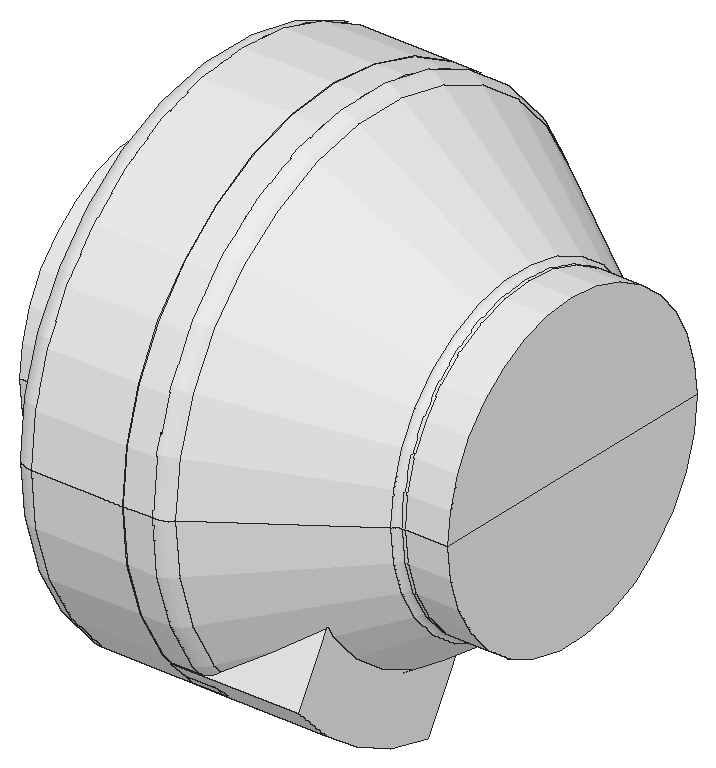
Revit family "VENTS-VK", category Mechanical Equipment, Revit 2019
Family settings
  Round Connector Dimension = Use Diameter
  Classification = None
  Part Type = Breaks Into
  OmniClass Number = 23.75.35.17.11
  OmniClass Title = Fans for Air Ductwork
  Work Plane-Based = No
  Always vertical = No
  Cut with Voids When Loaded = No
  Shared = No
  Room Calculation Point = No
Parameters (values of type "VK 200 (50Hz)")
  Weight = 3.00 kg
  Voltage = 230 V
  URL = "https://ventilation-system.com/product/vk-200"
  Type Comments = "Inline centrifugal fan VK 200"
  Transported Air Temperature (°C) = "-25...+60"
  RPM (min-1) = 2660
  R22 = 15 mm
  R21 = 5 mm
  R12 = 15 mm
  R11 = 5 mm
  R1 = D1 / 2  # 170 mm
  Protection rating = "IPX4"
  Power Factor = 1
  Number of Poles = 1
  Noise Level at 3 m (dBa) = 46
  Model = "VK 200"
  Manufacturer = "Vents"
  Maintenance Zone Width = 600 mm
  Maintenance Zone Material = Maintenance Zone
  Maintenance Zone Length = 600 mm
  Maintenance Zone Height = 600 mm
  Maintenance Zone [instance] = no
  Load Classification = HVAC
  L23 = 28 mm
  L22 = L - L1 - L2 - L12 - L13 - L23  # 98 mm
  L2 = 28 mm
  L13 = 68 mm
  L12 = 26 mm
  L1 = 28 mm
  L = 276 mm
  Flow direction symbol [instance] = yes
  Flow Factor [instance] = 1  # constant formula
  Family Version = "1.0"  # constant formula
  Description = "Inline centrifugal fan for round ducts"
  D1 = 340 mm
  D = 200 mm
  Copyright = "©Vents"
  Duct Connection Size = 200 mm
  Fan Material = Plastic White Glazed
  Maximum Air Flow = 780 m³/h
  BoxDepth = 83 mm
  BoxD = 340 mm
  BoxAngle = 60.00°
  BoxA = 120 mm
  Air Flow [instance] = 0 m³/h
  Power = 107 W
  Current = 0.47 A
  Apparent Power = Power / Power Factor  # 107 VA
Types (27, lengths in mm): name | Weight | URL | Type Comments | Transported Air Temperature (°C) | RPM (min-1) | R1 | Noise Level at 3 m (dBa) | Model | L23 | L22 | L2 | L13 | L12 | L1 | L | D1 | D | Duct Connection Size | Maximum Air Flow | BoxDepth | BoxD | BoxAngle | BoxA | Power | Current | Apparent Power
  VK 100 (50Hz) | 2.01 kg | "https://ventilation-system.com/product/vk-100" | "Inline centrifugal fan VK 100" | "-25...+60" | 2820 | 125 | 40 | "VK 100" | 20 | 70 | 32 | 40 | 40 | 28 | 230 | 250 | 100 | 100 | 250 m³/h | 78 | 250 | 90.00° | 85 | 80 W | 0.34 A | 80 VA
  VK 100 (60Hz) | 2.01 kg | "https://ventilation-system.com/product/vk-100" | "Inline centrifugal fan VK 100" | "-25...+40" | 2890 | 125 | 41 | "VK 100" | 20 | 70 | 32 | 40 | 40 | 28 | 230 | 250 | 100 | 100 | 290 m³/h | 78 | 250 | 90.00° | 85 | 81 W | 0.34 A | 81 VA
  VK 125 (50Hz) | 2.20 kg | "https://ventilation-system.com/product/vk-125" | "Inline centrifugal fan VK 125" | "-25...+60" | 2800 | 125 | 40 | "VK 125" | 20 | 63 | 30 | 40 | 40 | 27 | 220 | 250 | 125 | 125 | 355 m³/h | 78 | 250 | 90.00° | 85 | 79 W | 0.34 A | 79 VA
  VK 125 (60Hz) | 2.20 kg | "https://ventilation-system.com/product/vk-125" | "Inline centrifugal fan VK 125" | "-25...+40" | 2830 | 125 | 41 | "VK 125" | 20 | 63 | 30 | 40 | 40 | 27 | 220 | 250 | 125 | 125 | 370 m³/h | 78 | 250 | 90.00° | 85 | 81 W | 0.35 A | 81 VA
  VK 150 (50Hz) | 2.45 kg | "https://ventilation-system.com/product/vk-150" | "Inline centrifugal fan VK 150" | "-25...+60" | 2725 | 150 | 42 | "VK 150" | 30 | 71 | 64 | 48 | 17 | 56 | 286 | 300 | 150 | 150 | 460 m³/h | 86 | 300 | 90.00° | 85 | 80 W | 0.35 A | 80 VA
  VK 150 (60Hz) | 2.45 kg | "https://ventilation-system.com/product/vk-150" | "Inline centrifugal fan VK 150" | "-25...+40" | 2840 | 150 | 43 | "VK 150" | 30 | 71 | 64 | 48 | 17 | 56 | 286 | 300 | 150 | 150 | 505 m³/h | 86 | 300 | 90.00° | 85 | 84 W | 0.37 A | 84 VA
  VK 200 (50Hz) | 3.00 kg | "https://ventilation-system.com/product/vk-200" | "Inline centrifugal fan VK 200" | "-25...+60" | 2660 | 170 | 46 | "VK 200" | 28 | 98 | 28 | 68 | 26 | 28 | 276 | 340 | 200 | 200 | 780 m³/h | 83 | 340 | 60.00° | 120 | 107 W | 0.47 A | 107 VA
  VK 200 (60Hz) | 3.00 kg | "https://ventilation-system.com/product/vk-200" | "Inline centrifugal fan VK 200" | "-25...+40" | 2765 | 170 | 46 | "VK 200" | 28 | 98 | 28 | 68 | 26 | 28 | 276 | 340 | 200 | 200 | 890 m³/h | 83 | 340 | 60.00° | 120 | 132 W | 0.58 A | 132 VA
  VKS 200 (50Hz) | 4.30 kg | "https://ventilation-system.com/product/vks-200" | "Inline centrifugal fan VKS 200" | "-25...+60" | 2425 | 170 | 48 | "VKS 200" | 28 | 98 | 28 | 68 | 26 | 28 | 276 | 340 | 200 | 200 | 930 m³/h | 83 | 366 | 60.00° | 120 | 173 W | 0.76 A | 173 VA
  VKS 200 (60Hz) | 4.30 kg | "https://ventilation-system.com/product/vks-200" | "Inline centrifugal fan VKS 200" | "-25...+40" | 2155 | 170 | 49 | "VKS 200" | 28 | 98 | 28 | 68 | 26 | 28 | 276 | 340 | 200 | 200 | 1020 m³/h | 83 | 366 | 60.00° | 120 | 216 W | 0.94 A | 216 VA
  VK 250 (50Hz) | 4.30 kg | "https://ventilation-system.com/product/vk-250" | "Inline centrifugal fan VK 250" | "-25...+60" | 2090 | 170 | 49 | "VK 250" | 28 | 64 | 65 | 56 | 27 | 25 | 265 | 340 | 250 | 250 | 1080 m³/h | 83 | 340 | 60.00° | 120 | 173 W | 0.76 A | 173 VA
  VK 250 (60Hz) | 4.30 kg | "https://ventilation-system.com/product/vk-250" | "Inline centrifugal fan VK 250" | "-25...+40" | 2120 | 170 | 50 | "VK 250" | 28 | 64 | 65 | 56 | 27 | 25 | 265 | 340 | 250 | 250 | 1090 m³/h | 83 | 340 | 60.00° | 120 | 207 W | 0.9 A | 207 VA
  VK 315 (50Hz) | 4.85 kg | "https://ventilation-system.com/product/vk-315" | "Inline centrifugal fan VK 315" | "-25...+60" | 2655 | 200 | 48 | "VK 315" | 31 | 63 | 40 | 62 | 25 | 55 | 276 | 400 | 315 | 315 | 1340 m³/h | 85 | 432 | 120.00° | 120 | 200 W | 0.88 A | 200 VA
  VK 315 (60Hz) | 4.85 kg | "https://ventilation-system.com/product/vk-315" | "Inline centrifugal fan VK 315" | "-25...+40" | 2590 | 200 | 48 | "VK 315" | 31 | 63 | 40 | 62 | 25 | 55 | 276 | 400 | 315 | 315 | 1290 m³/h | 85 | 432 | 120.00° | 120 | 213 W | 0.95 A | 213 VA
  VKS 315 (50Hz) | 4.85 kg | "https://ventilation-system.com/product/vks-315" | "Inline centrifugal fan VKS 315" | "-25...+60" | 2590 | 200 | 57 | "VKS 315" | 31 | 63 | 40 | 62 | 25 | 55 | 276 | 400 | 315 | 315 | 1700 m³/h | 85 | 424 | 120.00° | 120 | 310 W | 1.36 A | 310 VA
  VK 100 Duo (min) | 2.01 kg | "https://ventilation-system.com/product/vk-100-duo" | "Inline centrifugal fan VK 100 Duo" | "-25...+60" | 1820 | 125 | 38 | "VK 100 Duo" | 20 | 73 | 30 | 40 | 40 | 27 | 230 | 250 | 100 | 100 | 157 m³/h | 78 | 250 | 90.00° | 85 | 45 W | 0.21 A | 45 VA
  VK 100 Duo (max) | 2.01 kg | "https://ventilation-system.com/product/vk-100-duo" | "Inline centrifugal fan VK 100 Duo" | "-25...+60" | 2440 | 125 | 38 | "VK 100 Duo" | 20 | 73 | 30 | 40 | 40 | 27 | 230 | 250 | 100 | 100 | 264 m³/h | 78 | 250 | 90.00° | 85 | 57 W | 0.25 A | 57 VA
  VK 125 Duo (min) | 2.20 kg | "https://ventilation-system.com/product/vk-125-duo" | "Inline centrifugal fan VK 125 Duo" | "-25...+60" | 1810 | 125 | 39 | "VK 125 Duo" | 20 | 63 | 30 | 40 | 40 | 27 | 220 | 250 | 125 | 125 | 191 m³/h | 78 | 250 | 90.00° | 85 | 45 W | 0.21 A | 45 VA
  VK 125 Duo (max) | 2.20 kg | "https://ventilation-system.com/product/vk-125-duo" | "Inline centrifugal fan VK 125 Duo" | "-25...+60" | 2380 | 125 | 39 | "VK 125 Duo" | 20 | 63 | 30 | 40 | 40 | 27 | 220 | 250 | 125 | 125 | 329 m³/h | 78 | 250 | 90.00° | 85 | 58 W | 0.26 A | 58 VA
  VK 150 Duo (min) | 2.45 kg | "https://ventilation-system.com/product/vk-150-duo" | "Inline centrifugal fan VK 150 Duo" | "-25...+60" | 1805 | 150 | 40 | "VK 150 Duo" | 30 | 71 | 64 | 48 | 17 | 56 | 286 | 300 | 150 | 150 | 264 m³/h | 86 | 300 | 90.00° | 85 | 46 W | 0.22 A | 46 VA
  VK 150 Duo (max) | 2.45 kg | "https://ventilation-system.com/product/vk-150-duo" | "Inline centrifugal fan VK 150 Duo" | "-25...+60" | 2420 | 150 | 40 | "VK 150 Duo" | 30 | 71 | 64 | 48 | 17 | 56 | 286 | 300 | 150 | 150 | 445 m³/h | 86 | 300 | 90.00° | 85 | 59 W | 0.26 A | 59 VA
  VK 200 Duo (min) | 3.00 kg | "https://ventilation-system.com/product/vk-200-duo" | "Inline centrifugal fan VK 200 Duo" | "-25...+60" | 1920 | 170 | 42 | "VK 200 Duo" | 28 | 98 | 28 | 68 | 26 | 28 | 276 | 340 | 200 | 200 | 430 m³/h | 83 | 340 | 60.00° | 120 | 83 W | 0.37 A | 83 VA
  VK 200 Duo (max) | 3.00 kg | "https://ventilation-system.com/product/vk-200-duo" | "Inline centrifugal fan VK 200 Duo" | "-25...+60" | 2470 | 170 | 42 | "VK 200 Duo" | 28 | 98 | 28 | 68 | 26 | 28 | 276 | 340 | 200 | 200 | 741 m³/h | 83 | 340 | 60.00° | 120 | 95 W | 0.43 A | 95 VA
  VK 250 Duo (min) | 4.30 kg | "https://ventilation-system.com/product/vk-250-duo" | "Inline centrifugal fan VK 250 Duo" | "-25...+60" | 1940 | 170 | 46 | "VK 250 Duo" | 28 | 64 | 65 | 56 | 27 | 25 | 265 | 340 | 250 | 250 | 642 m³/h | 83 | 340 | 60.00° | 120 | 147 W | 0.66 A | 147 VA
  VK 250 Duo (max) | 4.30 kg | "https://ventilation-system.com/product/vk-250-duo" | "Inline centrifugal fan VK 250 Duo" | "-25...+60" | 2370 | 170 | 46 | "VK 250 Duo" | 28 | 64 | 65 | 56 | 27 | 25 | 265 | 340 | 250 | 250 | 1126 m³/h | 83 | 340 | 60.00° | 120 | 176 W | 0.76 A | 176 VA
  VK 315 Duo (min) | 4.85 kg | "https://ventilation-system.com/product/vk-315-duo" | "Inline centrifugal fan VK 315 Duo" | "-25...+60" | 1870 | 200 | 48 | "VK 315 Duo" | 31 | 63 | 40 | 62 | 25 | 55 | 276 | 400 | 315 | 315 | 758 m³/h | 85 | 400 | 120.00° | 120 | 143 W | 0.68 A | 143 VA
  VK 315 Duo (max) | 4.85 kg | "https://ventilation-system.com/product/vk-315-duo" | "Inline centrifugal fan VK 315 Duo" | "-25...+60" | 2410 | 200 | 48 | "VK 315 Duo" | 31 | 63 | 40 | 62 | 25 | 55 | 276 | 400 | 315 | 315 | 1268 m³/h | 85 | 400 | 120.00° | 120 | 173 W | 0.76 A | 173 VA
Reference planes
  plane 1 "Center (Front/Back)": y = 0
  plane 2: z = 0
  plane 3 "Center (Left/Right)": x = 0
  plane 4: x = 28
  plane 5: x = 54
  plane 6: y = 100
  plane 7: y = -100
  plane 8: y = 170
  plane 9: y = -170
  plane 10: x = 150
  plane 11: x = 248
  plane 12: x = 276
  plane 13 "C": x = 122
Forms (mm)
  Revolve 1, solid, material "Plastic White Glazed" <- "Fan Material", detail levels medium+fine
    sketch origin (368, 0, 0) x (1, 0, 0) y (0, 1, 0)
      loop
        arc (-304.65, 170) -> (-312.585, 167.729) -> (-318.117, 161.605) r 15
        line (-318.117, 161.605) -> (-333.628, 102.798)
        arc (-333.628, 102.798) -> (-335.472, 100.757) -> (-338.117, 100) r 5
        line (-338.117, 100) -> (-340, 100) -> (-340, 0) -> (-246, 0) -> (-246, 170) -> (-304.65, 170)
      axis (-246, 0) -> (-340, 0)
    angle from 0 to 360
  Revolve 2, solid, material "Plastic White Glazed" <- "Fan Material", detail levels medium+fine
    sketch origin (368, 0, 0) x (1, 0, 0) y (0, 1, 0)
      loop
        line (-246, 170) -> (-246, 0) -> (-120, 0) -> (-120, 100) -> (-122.05, 100)
        arc (-122.05, 100) -> (-124.783, 100.813) -> (-126.627, 102.988) r 5
        line (-126.627, 102.988) -> (-215.898, 165.376)
        arc (-215.898, 165.376) -> (-220.841, 168.796) -> (-226.73, 170) r 15
        line (-226.73, 170) -> (-246, 170)
      axis (-120, 0) -> (-246, 0)
    angle from 0 to 360
  Revolve 3, solid, material "Plastic White Glazed" <- "Fan Material", detail levels medium+fine
    sketch origin (368, 0, 0) x (1, 0, 0) y (0, 1, 0)
      loop
        line (-120, 100) -> (-120, 0) -> (-92, 0) -> (-92, 100) -> (-120, 100)
      axis (-92, 0) -> (-120, 0)
    angle from 0 to 360
  Revolve 4, solid, material "Plastic White Glazed" <- "Fan Material", detail levels medium+fine
    sketch origin (368, 0, 0) x (1, 0, 0) y (0, 1, 0)
      loop
        line (-368, 100) -> (-368, 0) -> (-340, 0) -> (-340, 100) -> (-368, 100)
      axis (-340, 0) -> (-368, 0)
    angle from 0 to 360
Cuts and joins
  joined: Revolve 1, Revolve 4
  joined: Revolve 2, Revolve 3
Lines and regions (mm)
  reference lines
    curve 1: line (122, 0, 0) -> (122, -50, -86.603)
Dimensions and locks
  equal spacing: plane 6, plane 1 "Center (Front/Back)", plane 7
  "D": plane 6 to plane 7
  "L2": plane 11 to plane 12
  "L12": plane 4 to plane 5
  "L22": plane 10 to plane 11
  "L1": plane 3 "Center (Left/Right)" to plane 4
  "L13": plane 5 to plane 13 "C"
  "L23": plane 13 "C" to plane 10
  equal spacing: plane 9, plane 1 "Center (Front/Back)", plane 8
  "D1": plane 8 to plane 9
  "R12": radius of Revolve 1 sketch curve
  "R11": radius of Revolve 1 sketch curve
  "R21": radius of Revolve 2 sketch curve
  "R22": radius of Revolve 2 sketch curve
  "BoxAngle": angle curve 1 to level
  aligned and locked: level to plane 2
  aligned and locked: Revolve 2 sketch curve to plane 11
  aligned and locked: Revolve 3 sketch curve to plane 6
  aligned and locked: Revolve 3 sketch curve to Revolve 2
  aligned and locked: Revolve 3 sketch curve to plane 12
  aligned and locked: Revolve 3 sketch curve to plane 1 "Center (Front/Back)"
  aligned and locked: Revolve 4 sketch curve to plane 6
  aligned and locked: Revolve 4 sketch curve to plane 1 "Center (Front/Back)"
  aligned and locked: Revolve 4 sketch curve to Revolve 1
  aligned and locked: Revolve 1 sketch curve to plane 13 "C"
  aligned and locked: plane 13 "C" to Revolve 2 sketch curve
  aligned and locked: plane 3 "Center (Left/Right)" to Revolve 4 sketch curve
  aligned and locked: Revolve 1 sketch curve to plane 8
  aligned and locked: Revolve 2 sketch curve to plane 8
  aligned and locked: plane 1 "Center (Front/Back)" to nested 1
  aligned and locked: plane 13 "C" to nested 1
  aligned and locked: nested 2 to level
  aligned and locked: plane 13 "C" to nested 2
  aligned and locked: plane 1 "Center (Front/Back)" to nested 3
  aligned and locked: nested 3 to plane 3 "Center (Left/Right)"
  aligned and locked: level to curve 1
  aligned and locked: plane 1 "Center (Front/Back)" to curve 1
  aligned and locked: nested 4 to curve 1
  aligned and locked: plane 13 "C" to nested 5
  aligned and locked: plane 1 "Center (Front/Back)" to nested 5
Automatic sketch dimensions
  plane 1 "Center (Front/Back)" to Revolve 4 sketch curve = 0 mm
  Revolve 4 sketch curve to plane 3 "Center (Left/Right)" = 1646 mm
  plane 12 to Revolve 4 sketch curve = 2149 mm
  plane 1 "Center (Front/Back)" to Revolve 1 sketch curve = 0 mm  (x2)
  Revolve 1 sketch curve to plane 4 = 0 mm
  Revolve 1 sketch curve to plane 6 = 0 mm
  Revolve 1 sketch curve to Revolve 1 sketch curve = 1.883 mm
  plane 6 to Revolve 1 sketch curve = 2.798 mm
  Revolve 1 sketch curve to plane 5 = 4.117 mm
  plane 5 to Revolve 1 sketch curve = 9.35 mm
  Revolve 1 sketch curve to plane 3 "Center (Left/Right)" = 1356 mm
  plane 12 to Revolve 1 sketch curve = 1873 mm
  plane 1 "Center (Front/Back)" to Revolve 2 sketch curve = 0 mm  (x2)
  Revolve 2 sketch curve to plane 6 = 0 mm
  Revolve 2 sketch curve to plane 10 = 8.73 mm
  plane 10 to Revolve 2 sketch curve = 2.102 mm
  plane 6 to Revolve 2 sketch curve = 2.988 mm
  Revolve 2 sketch curve to plane 11 = 6.627 mm
  Revolve 2 sketch curve to plane 3 "Center (Left/Right)" = 1356 mm
  plane 12 to Revolve 2 sketch curve = 1873 mm
Nested families
  nested 1: "GraphicalSymbol_Fun_FlowDirection" at (122, 0, 0), visible <- "Flow direction symbol", type "GraphicalSymbol_Fun_FlowDirection", detail levels medium+fine
    with Length 50 mm, Height 50 mm, B 25 mm, A 16.667 mm
  nested 2: "GraphicalSymbol_Fun_FlowDirection" at (122, 0, 0) x (1, 0, 0) z (0, -1, 0), type "GraphicalSymbol_Fun_FlowDirection"
    with Length 50 mm, Height 50 mm, B 25 mm, A 16.667 mm
  nested 3: "GraphicalSymbol_Fan_1" at (138, 0, 0), type "GraphicalSymbol_Fan_1", detail levels coarse
    with Diameter 276 mm, A 69 mm
  nested 4: "DistributionBox" at (122, 0, 0) x (0, -0.5, -0.866) z (0, -0.866, 0.5), type "DistributionBox", detail levels medium+fine
    with R 170 mm, Hcon 146.2 mm, D 340 mm, B 120 mm, Acon 16.6 mm, A 83 mm
  nested 5: "MaintenanceZone_Rect" at (122, 0, 0), visible <- "Maintenance Zone", type "MaintenanceZone_Rect", detail levels medium+fine
    with Maintenance Zone Width 600 mm, Maintenance Zone Length 600 mm, Maintenance Zone Height 600 mm
Connectors
  hvac at (0, 0, 0), driven by "Duct Connection Size", driven by "Air Flow"
    settings: on cut or joined group of Revolve 1, Revolve 4, index 4, duct flow 0 m³/h, flow factor 0, pres drop 0.0 Pa, loss coef 0, conn angle 0.00°, conn width 304.8 mm, conn height 304.8 mm, conn diameter 200 mm, duct sys type 29, conn prof type 0, flow config 0, flow direction 0, loss method 0, conn ref index 5, conn util no, is conn primary yes, conn desc ""
  hvac at (276, 0, 0), driven by "Duct Connection Size"
    settings: on cut or joined group of Revolve 2, Revolve 3, index 5, duct flow 0 m³/h, flow factor 0, pres drop 0.0 Pa, loss coef 0, conn angle 0.00°, conn width 304.8 mm, conn height 304.8 mm, conn diameter 200 mm, duct sys type 28, conn prof type 0, flow config 0, flow direction 0, loss method 0, conn ref index 4, conn util no, is conn primary no, conn desc ""
  electrical at (188.4, -12.478, -161.613), driven by "Number of Poles", driven by "Load Classification", driven by "Voltage", driven by "Apparent Power", driven by "Power Factor"
    settings: on nested 4, index 6, voltage 230 V, apparent load 107 VA, apparent load phase1 0 VA, apparent load phase2 0 VA, apparent load phase3 0 VA, power factor 1, load classification "HVAC", number of poles 1, system type 30, power factor state 1, is connector primary yes, connector utility no, sub classification motor no, connector description ""
Definition of nested family "DistributionBox"
  Parameters (values of type "DistributionBox")
    R = D / 2  # 100 mm
    Hcon = D * 0.43  # 86 mm
    Lcon = 10 mm
    Distribution Box Material = none
    Default Elevation = 1219.2 mm
    Dcon = 12 mm
    D = 200 mm
    B = 50 mm
    Acon = 0.2 * A  # 10 mm
    A = 50 mm
  Reference planes
    plane 1 "Center (Front/Back)": y = 0
    plane 2: z = 0
    plane 3 "Center (Left/Right)": x = 0
    plane 4 "Back": y = 50
    plane 5: z = -25
    plane 6: z = 25
    plane 7: x = 86
    plane 8: z = -35
    plane 9 "Center L/T": y = 40
  Forms (mm)
    Extrusion 1, solid, material <- "Distribution Box Material"
      sketch origin (0, 0, 0) x (1, 0, 0) y (0, 0, 1)
        loop
          line (0, 25) -> (0, -25) -> (96.825, -25)
          arc (96.825, -25) -> (100, 0) -> (96.825, 25) r 100
          line (96.825, 25) -> (0, 25)
      from -50 to 0
    Extrusion 2, solid, material <- "Distribution Box Material"
      sketch origin (0, 0, 0) x (1, 0, 0) y (0, 1, 0)
        loop
          circle (86, 40) r 6
      from -25 to -35
  Dimensions and locks
    equal spacing: plane 6, level, plane 5
    "B": plane 6 to plane 5
    "A": plane 4 "Back" to plane 1 "Center (Front/Back)"
    "Hcon": plane 7 to plane 3 "Center (Left/Right)"
    "Lcon": plane 5 to plane 8
    "Acon": plane 4 "Back" to plane 9 "Center L/T"
    "R": radius of Extrusion 1 sketch curve
    "Dcon": diameter of Extrusion 2 sketch curve
    aligned and locked: level to plane 2
    aligned and locked: Extrusion 1 sketch curve to plane 6
    aligned and locked: plane 3 "Center (Left/Right)" to Extrusion 1 sketch curve
    aligned and locked: plane 5 to Extrusion 1 sketch curve
    aligned and locked: plane 4 "Back" to Extrusion 1
    aligned and locked: plane 8 to Extrusion 2
    aligned and locked: plane 1 "Center (Front/Back)" to Extrusion 1
    aligned and locked: plane 9 "Center L/T" to Extrusion 2 sketch curve
    aligned and locked: plane 7 to Extrusion 2 sketch curve
    aligned and locked: plane 5 to Extrusion 2
  Automatic sketch dimensions
    Extrusion 1 sketch curve to level = 0 mm
    Extrusion 1 sketch curve to plane 3 "Center (Left/Right)" = 0 mm
Definition of nested family "MaintenanceZone_Rect"
  Parameters (values of type "MaintenanceZone_Rect")
    Maintenance Zone Width = 500 mm
    Material = none
    Maintenance Zone Length = 1000 mm
    Maintenance Zone Height = 300 mm
    Family Version = ""
    Default Elevation = 1219.2 mm
    Copyright = ""
  Reference planes
    plane 1 "Center (Front/Back)": y = 0
    plane 2: z = 0
    plane 3 "Center (Left/Right)": x = 0
    plane 4: x = -500
    plane 5: x = 500
    plane 6: y = 250
    plane 7: y = -250
    plane 8: z = -300
  Forms (mm)
    Extrusion 1, solid, material <- "Material", detail levels medium+fine
      sketch origin (0, 0, 0) x (1, 0, 0) y (0, 1, 0)
        loop
          line (-500, 250) -> (-500, -250) -> (500, -250) -> (500, 250) -> (-500, 250)
      from 0 to -300
  Lines and regions (mm)
    symbolic lines, detail levels medium+fine
      curve 1: line (-500, 0, 0) -> (500, 0, 0)
      curve 2: line (-500, 0, -300) -> (-500, 0, 0)
      curve 3: line (500, 0, -300) -> (-500, 0, -300)
      curve 4: line (500, 0, 0) -> (500, 0, -300)
      curve 5: line (0, 250, 0) -> (0, -250, 0)
      curve 6: line (0, 250, -300) -> (0, 250, 0)
      curve 7: line (0, -250, -300) -> (0, 250, -300)
      curve 8: line (0, -250, 0) -> (0, -250, -300)
      curve 9: line (-500, 250, 0) -> (500, 250, 0)
      curve 10: line (-500, -250, 0) -> (-500, 250, 0)
      curve 11: line (500, -250, 0) -> (-500, -250, 0)
      curve 12: line (500, 250, 0) -> (500, -250, 0)
  Dimensions and locks
    equal spacing: plane 6, plane 1 "Center (Front/Back)", plane 7
    equal spacing: plane 4, plane 3 "Center (Left/Right)", plane 5
    "Maintenance Zone Width": plane 6 to plane 7
    "Maintenance Zone Length": plane 4 to plane 5
    "Maintenance Zone Height": plane 2 to plane 8
    aligned and locked: level to plane 2
    aligned and locked: Extrusion 1 sketch curve to plane 6
    aligned and locked: plane 4 to Extrusion 1 sketch curve
    aligned and locked: plane 7 to Extrusion 1 sketch curve
    aligned and locked: Extrusion 1 sketch curve to plane 5
    aligned and locked: Extrusion 1 to plane 8
    aligned and locked: curve 1 to Extrusion 1
    aligned and locked: curve 2 to Extrusion 1
    aligned and locked: curve 3 to Extrusion 1
    aligned and locked: curve 4 to Extrusion 1
    aligned and locked: curve 5 to Extrusion 1
    aligned and locked: curve 6 to Extrusion 1
    aligned and locked: curve 7 to Extrusion 1
    aligned and locked: curve 8 to Extrusion 1
    aligned and locked: curve 9 to Extrusion 1
    aligned and locked: curve 10 to Extrusion 1
    aligned and locked: curve 11 to Extrusion 1
    aligned and locked: curve 12 to Extrusion 1
Definition of nested family "GraphicalSymbol_Fun_FlowDirection"
  Parameters (values of type "GraphicalSymbol_Fun_FlowDirection")
    Length = 100 mm
    Height = Length  # 100 mm
    B = Length / 2  # 50 mm
    A = Length / 3  # 33.333 mm
  Reference planes
    plane 1 "Center (Front/Back)": y = 0
    plane 2: z = 0
    plane 3 "Center (Left/Right)": x = 0
    plane 4: x = -33.333
    plane 5: x = 50
    plane 6: y = 50
    plane 7: y = -50
  Lines and regions (mm)
    detail lines, in view "Ref. Level"
      curve 1: line (-33.333, 50, 0) -> (-33.333, -50, 0)
      curve 2: line (50, 0, 0) -> (-33.333, -50, 0)
      curve 3: line (50, 0, 0) -> (-33.333, 50, 0)
  Dimensions and locks
    "A": plane 4 to plane 3 "Center (Left/Right)"
    "B": plane 3 "Center (Left/Right)" to plane 5
    equal spacing: plane 6, plane 1 "Center (Front/Back)", plane 7
    "Height": plane 6 to plane 7
    aligned and locked: curve 1 to plane 4
  Automatic sketch dimensions
    plane 1 "Center (Front/Back)" to curve 3 = 0 mm
    curve 3 to plane 5 = 0 mm
    curve 2 to plane 7 = 0 mm
    curve 3 to plane 6 = 0 mm
Definition of nested family "GraphicalSymbol_Fan_1"
  Parameters (values of type "GraphicalSymbol_Fan_1")
    Diameter = 100 mm
    Default Elevation = 1219.2 mm
    A = Diameter / 4  # 25 mm
  Reference planes
    plane 1 "Center (Front/Back)": y = 0
    plane 2: z = 0
    plane 3 "Center (Left/Right)": x = 0
    plane 4: x = -25
  Lines and regions (mm)
    model lines
      curve 1: circle (0, 0, 0) r 50 normal (0, 0, 1)
      curve 4: line (-25, 43.301, 0) -> (-25, -43.301, 0)
      curve 5: line (-25, 43.301, 0) -> (50, 0, 0)
      curve 6: line (-25, -43.301, 0) -> (50, 0, 0)
    reference lines
      curve 2: line (50, 141.389, 0) -> (50, -158.611, 0)
      curve 3: line (-50, 141.389, 0) -> (-50, -158.611, 0)
  Dimensions and locks
    equal spacing: curve 3, plane 3 "Center (Left/Right)", curve 2
    "Diameter": curve 3 to curve 2
    "A": plane 4 to plane 3 "Center (Left/Right)"
    "Diameter": diameter of curve 1
    aligned and locked: level to plane 2
  Automatic sketch dimensions
    curve 4 to plane 4 = 0 mm
    plane 1 "Center (Front/Back)" to curve 1 = 0 mm
    curve 1 to plane 3 "Center (Left/Right)" = 0 mm
    plane 1 "Center (Front/Back)" to curve 6 = 0 mm
    plane 1 "Center (Front/Back)" to curve 2 = 158.611 mm
    curve 3 to curve 2 = 0 mm  (x2)
    curve 3 to plane 1 "Center (Front/Back)" = 141.389 mm
